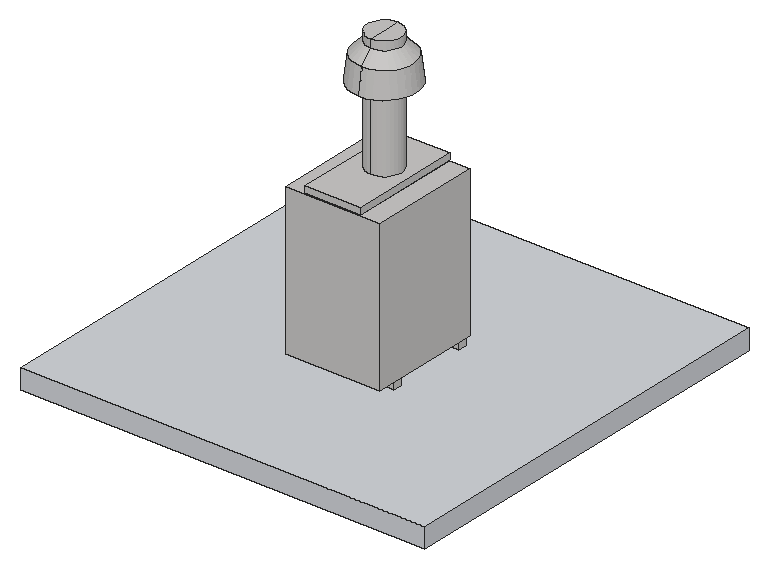
Revit family "DC_Rheem_PLM_Raypak_B0280ID", category Mechanical Equipment, host Face, Revit 2017
Family settings
  Host = Face
  Round Connector Dimension = Use Radius
  Part Type = Normal
  Cut with Voids When Loaded = No
  Shared = No
  Room Calculation Point = No
Parameters (values of type "Raypak - Gas Water Heater- Indoor - 278 MJ/h  Natural gas, modulating gas control")
  Width_ANZRS = 570 mm
  URL = "http://www.rheem.com.au/CommercialProducts"
  Type Comments = "Recovery 1061L/h @ 50oC rise"
  Top Dia_ANZRS = 205 mm
  Model = "B0280PCM/ID"
  Material_ANZRS = Raypak - Grey Powder Coated Steel
  PRV Dist_ANZRS = 210 mm
  PRV_ANZRS = 10 mm
  Manufacturer = "Raypak"
  Length_ANZRS = 675 mm
  Hot Water outlet radius_ANZRS = 20 mm
  Hot Water Outlet Diameter_ANZRS = Hot Water outlet radius_ANZRS * 2  # 40 mm
  Hot Water Conn. Dist_ANZRS = 170 mm
  Height_ANZRS = 1715 mm
  H1_ANZRS = 940 mm
  Gas Inlet radius_ANZRS = 12.5 mm
  Gas Inlet Height_ANZRS = 370 mm
  Gas Inlet Diameter_ANZRS = Gas Inlet radius_ANZRS * 2  # 25 mm
  Gas Conn. Dist_ANZRS = 105 mm
  DesignBy_ANZRS = "Design Content ©"
  Description = "Raypak - Gas Water Heater- Indoor - 278 MJ/h  Natural gas, modulating gas control"
  Default Elevation = 0 mm
  Conn Height_ANZRS = 700 mm
  Cold Water Inlet Radius_ANZRS = 20 mm
  Cold Water Inlet Diameter_ANZRS = Cold Water Inlet Radius_ANZRS * 2  # 40 mm
  Cold Water Conn. Dist_ANZRS = 215 mm
  Box HEight_ANZRS = 985 mm
  Base1 Dist_ANZRS = 30 mm
  Base Width_ANZRS = 50 mm
  Basae2 Dist_ANZRS = 105 mm
  Author_ANZRS = "DM"
  Assembly Code = ""
Types (5, lengths in mm): name | URL | Type Comments | Model | Gas Inlet radius_ANZRS | Gas Inlet Diameter_ANZRS | Description
  (no name) | "http://www.rheem.com.au/downloads/PDF/Raypak_Mechanical_Heating_Brochure_July_09.pdf" | "Recovery 1061L/h @ 50oC rise" | "B0280NCO/ID" | 10 | 20 | "Raypak - Gas Water Heater- Indoor - 278 MJ/h  Natural gas, On/Off gas control"
  Raypak - Gas Water Heater- Indoor - 278 MJ/h  Natural gas, modulating gas control | "http://www.rheem.com.au/CommercialProducts" | "Recovery 1061L/h @ 50oC rise" | "B0280PCM/ID" | 12.5 | 25 | "Raypak - Gas Water Heater- Indoor - 278 MJ/h  Natural gas, modulating gas control"
  Raypak - Gas Water Heater- Indoor - 278 MJ/h  Natural gas, On/Off gas control | "http://www.rheem.com.au/CommercialProducts" | "Recovery 1061L/h @ 50oC rise" | "B0280NCO/ID" | 10 | 20 | "Raypak - Gas Water Heater- Indoor - 278 MJ/h  Natural gas, On/Off gas control"
  Raypak - Gas Water Heater- Indoor - 261 MJ/h  Propane gas, modulating gas control | "http://www.rheem.com.au/CommercialProducts" | "Recovery 998L/h @ 50oC rise" | "B0280NCM/ID" | 10 | 20 | "Raypak - Gas Water Heater- Indoor - 261 MJ/h  Propane gas, modulating gas control"
  Raypak - Gas Water Heater- Indoor - 261 MJ/h  Propane gas, On/Off gas control | "http://www.rheem.com.au/CommercialProducts" | "Recovery 998L/h @ 50oC rise" | "B0280NCO/ID" | 10 | 20 | "Raypak - Gas Water Heater- Indoor - 261 MJ/h  Propane gas, modulating gas control"
Reference planes
  plane 1 "Center (Front/Back)": y = 0
  plane 2: z = 0
  plane 3 "Center (Left/Right)": x = 0
  plane 4 "Height": z = 1715
  plane 5 "Box H": z = 985
  plane 6 "Conn H": z = 700
  plane 7 "Gas C": z = 370
  plane 8 "L1": y = 288
  plane 9 "L2": y = -387
  plane 10 "PVR": y = 78
  plane 11 "Hot Water": y = 118
  plane 12 "Cold Water": y = -97
  plane 13 "Gas C1": y = -282
  plane 14 "D1": y = 102.5
  plane 15 "D2": y = -102.5
  plane 16 "W1": x = -285
  plane 17 "W2": x = 285
  plane 18 "base": z = 40
  plane 19 "H4": z = 1445
  plane 20 "H3": z = 1595
  plane 21 "H2": z = 1665
  plane 22: z = 600
  plane 23: z = 565
  plane 24: y = -327
  plane 25: x = -280
  plane 26 "BASE11": y = 258
  plane 27 "BASE12": y = 208
  plane 28 "BASE21": y = -232
  plane 29 "BASE22": y = -282
  plane 30 "D4": x = 102.5
  plane 31 "D3": x = -102.5
  plane 32 "H1": z = 940
  plane 33 "HH": z = 950
  plane 34: x = 167.5
  plane 35: x = -167.5
  plane 36: x = 157.5
  plane 37: x = -157.5
  plane 38 "LL2": y = -377
  plane 39 "LL1": y = 278
  plane 40: x = -172.5
  plane 41: x = -190.918
  plane 42: x = 172.5
  plane 43: x = 190.918
  plane 44: y = 172.5
  plane 45: y = 190.918
  plane 46: y = -172.5
  plane 47: y = -190.918
Forms (mm)
  Extrusion 1, solid
    sketch origin (0, 0, 0) x (1, 0, 0) y (0, 1, 0)
      loop
        line (-1219.2, 1219.2) -> (-1219.2, -1219.2) -> (1219.2, -1219.2) -> (1219.2, 1219.2) -> (-1219.2, 1219.2)
    from 0 to -120
  Extrusion 2, solid, material "Raypak - Grey Powder Coated Steel" <- "Material_ANZRS"
    sketch origin (0, 0, 0) x (1, 0, 0) y (0, 1, 0)
      loop
        line (-285, 288) -> (-285, -387) -> (285, -387) -> (285, 288) -> (-285, 288)
    from 40 to 940
  Revolve 3, solid, material "Raypak - Grey Powder Coated Steel" <- "Material_ANZRS"
    sketch origin (0, 0, 105) x (0, 1, 0) y (0, 0, 1)
      loop
        line (0, 1610) -> (-102.5, 1610) -> (-102.5, 1560) -> (-172.5, 1490) -> (-190.918, 1340) -> (-102.5, 1340) -> (-102.5, 880) -> (0, 880) -> (0, 1610)
      axis (0, 1610) -> (0, 880)
    angle from 0 to 360
  Extrusion 4, void
    sketch origin (0, 0, 0) x (0, 1, 0) y (0, 0, 1)
      loop
        circle (78, 700) r 10
      loop
        circle (118, 700) r 20
      loop
        circle (-97, 700) r 20
    from -285 to -280
  Extrusion 5, void
    sketch origin (0, 0, 0) x (0, 1, 0) y (0, 0, 1)
      loop
        circle (-327, 600) r 5
      loop
        circle (-327, 565) r 5
      loop
        circle (-282, 370) r 12.5
    from -285 to -280
  Extrusion 6, solid, material "Raypak - Grey Powder Coated Steel" <- "Material_ANZRS"
    sketch origin (0, 0, 0) x (0, 1, 0) y (0, 0, 1)
      loop
        line (258, 40) -> (208, 40) -> (208, 0) -> (258, 0) -> (258, 40)
      loop
        line (-232, 40) -> (-282, 40) -> (-282, 0) -> (-232, 0) -> (-232, 40)
    from -285 to 285
  Extrusion 7, solid, material "Raypak - Grey Powder Coated Steel" <- "Material_ANZRS"
    sketch origin (0, 0, 0) x (1, 0, 0) y (0, 0, 1)
      loop
        line (167.5, 985) -> (-167.5, 985) -> (-167.5, 950) -> (167.5, 950) -> (167.5, 985)
    from -288 to 387
  Extrusion 8, solid, material "Raypak - Grey Powder Coated Steel" <- "Material_ANZRS"
    sketch origin (0, 0, 0) x (1, 0, 0) y (0, 0, 1)
      loop
        line (157.5, 950) -> (-157.5, 950) -> (-157.5, 940) -> (157.5, 940) -> (157.5, 950)
    from -278 to 377
Cuts and joins
  Extrusion 4, Extrusion 5 cuts Extrusion 2
Lines and regions (mm)
  Masking region 1
    outline origin (0, 0, 0) x (1, 0, 0) y (0, 1, 0)
      loop
        line (-285, 288) -> (-285, -387) -> (285, -387) -> (285, 288) -> (-285, 288)
  Masking region 2
    outline origin (0, 0, 0) x (1, 0, 0) y (0, 0, 1)
      loop
        line (-102.5, 1715) -> (-102.5, 1665) -> (-225, 1595) -> (-228.418, 1445) -> (-102.5, 1445) -> (-102.5, 985) -> (-167.5, 985) -> (-167.5, 950) -> (-157.5, 950) -> (-157.5, 940) -> (-285, 940) -> (-285, 0) -> (285, 0) -> (285, 940) -> (157.5, 940) -> (157.5, 950) -> (167.5, 950) -> (167.5, 985) -> (102.5, 985) -> (102.5, 1445) -> (243.418, 1445) -> (157.5, 1595) -> (102.5, 1665) -> (102.5, 1715) -> (0, 1715) -> (-102.5, 1715)
  Masking region 3
    outline origin (0, 0, 0) x (0, 1, 0) y (0, 0, 1)
      loop
        line (-102.5, 1715) -> (-102.5, 1665) -> (-157.5, 1595) -> (-175.918, 1445) -> (-102.5, 1445) -> (-102.5, 985) -> (-387, 985) -> (-387, 950) -> (-377, 950) -> (-377, 940) -> (-387, 940) -> (-387, 40) -> (-282, 40) -> (-282, 0) -> (-232, 0) -> (-232, 40) -> (208, 40) -> (208, 0) -> (258, 0) -> (258, 40) -> (288, 40) -> (288, 940) -> (278, 940) -> (278, 950) -> (288, 950) -> (288, 985) -> (102.5, 985) -> (102.5, 1445) -> (175.918, 1445) -> (157.5, 1595) -> (102.5, 1665) -> (102.5, 1715) -> (-102.5, 1715)
  symbolic lines, style "Emergency", detail levels fine
    curve 1: arc (0, 190.918, 0) -> (-190.918, 0, 0) -> (0, -190.918, 0) r 190.918
    curve 2: arc (0, -190.918, 0) -> (190.918, 0, 0) -> (0, 190.918, 0) r 190.918
    curve 3: arc (0, 172.5, 0) -> (172.5, 0, 0) -> (0, -172.5, 0) r 172.5
    curve 4: arc (0, -172.5, 0) -> (-172.5, 0, 0) -> (0, 172.5, 0) r 172.5
    curve 5: arc (0, -102.5, 0) -> (-102.5, 0, 0) -> (0, 102.5, 0) r 102.5
    curve 6: arc (0, 102.5, 0) -> (102.5, 0, 0) -> (0, -102.5, 0) r 102.5
    curve 7: line (285, -387, 0) -> (285, 288, 0)
    curve 8: line (285, 288, 0) -> (-285, 288, 0)
    curve 9: line (-285, 288, 0) -> (-285, -387, 0)
    curve 10: line (-285, -387, 0) -> (285, -387, 0)
    curve 11: line (102.5, 0, 1665) -> (172.5, 0, 1595)
    curve 12: line (190.918, 0, 1445) -> (172.5, 0, 1595)
    curve 13: line (-172.5, 0, 1595) -> (-190.918, 0, 1445)
    curve 14: line (-172.5, 0, 1595) -> (-102.5, 0, 1665)
    curve 15: line (-102.5, 0, 1715) -> (102.5, 0, 1715)
    curve 16: line (0, 0, 1715) -> (102.5, 0, 1715)
    curve 17: line (172.5, 0, 1595) -> (-172.5, 0, 1595)
    curve 18: line (102.5, 0, 1762.094) -> (-102.5, 0, 1762.094)
    curve 19: line (-228.418, 0, 1445) -> (0, 0, 1445)
    curve 20: line (0, 0, 1445) -> (243.418, 0, 1445)
    curve 21: line (102.5, 0, 1715) -> (102.5, 0, 1665)
    curve 22: line (-102.5, 0, 1715) -> (-102.5, 0, 1665)
    curve 23: line (285, 0, 940) -> (-285, 0, 940)
    curve 24: line (285, 0, 40) -> (285, 0, 940)
    curve 25: line (-285, 0, 940) -> (-285, 0, 40)
    curve 26: line (-285, 0, 40) -> (285, 0, 40)
    curve 27: line (285, 0, 0) -> (285, 0, 40)
    curve 28: line (-285, 0, 40) -> (-285, 0, 0)
    curve 29: line (-285, 0, 0) -> (285, 0, 0)
    curve 30: line (-102.5, 0, 1445) -> (-102.5, 0, 985)
    curve 31: line (102.5, 0, 1445) -> (102.5, 0, 985)
    curve 32: arc (0, 68, 700) -> (0, 78, 690) -> (0, 88, 700) r 10
    curve 33: arc (0, 88, 700) -> (0, 78, 710) -> (0, 68, 700) r 10
    curve 34: arc (0, 138, 700) -> (0, 118, 720) -> (0, 98, 700) r 20
    curve 35: arc (0, 98, 700) -> (0, 118, 680) -> (0, 138, 700) r 20
    curve 36: arc (0, -117, 700) -> (0, -97, 680) -> (0, -77, 700) r 20
    curve 37: arc (0, -77, 700) -> (0, -97, 720) -> (0, -117, 700) r 20
    curve 38: arc (0, -269.5, 370) -> (0, -282, 382.5) -> (0, -294.5, 370) r 12.5
    curve 39: arc (0, -294.5, 370) -> (0, -282, 357.5) -> (0, -269.5, 370) r 12.5
    curve 40: arc (0, -332, 565) -> (0, -327, 560) -> (0, -322, 565) r 5
    curve 41: arc (0, -322, 565) -> (0, -327, 570) -> (0, -332, 565) r 5
    curve 42: arc (0, -332, 600) -> (0, -327, 595) -> (0, -322, 600) r 5
    curve 43: arc (0, -322, 600) -> (0, -327, 605) -> (0, -332, 600) r 5
    curve 44: line (0, -102.5, 1715) -> (0, -102.5, 1665)
    curve 45: line (0, 102.5, 1715) -> (0, 102.5, 1665)
    curve 46: line (0, 190.918, 1445) -> (0, -190.918, 1445)
    curve 47: line (0, 172.5, 1595) -> (0, -172.5, 1595)
    curve 48: line (0, 102.5, 1665) -> (0, -102.5, 1665)
    curve 49: line (0, 102.5, 1665) -> (0, 172.5, 1595)
    curve 50: line (0, -190.918, 1445) -> (0, -172.5, 1595)
    curve 51: line (0, -102.5, 1665) -> (0, -172.5, 1595)
    curve 52: line (0, 190.918, 1445) -> (0, 172.5, 1595)
    curve 53: line (0, -102.5, 1715) -> (0, 102.5, 1715)
    curve 54: line (0, 102.5, 1445) -> (0, 102.5, 985)
    curve 55: line (0, -102.5, 1445) -> (0, -102.5, 985)
    curve 56: line (0, 288, 985) -> (0, -387, 985)
    curve 57: line (0, -387, 985) -> (0, -387, 950)
    curve 58: line (0, 288, 40) -> (0, 288, 940)
    curve 59: line (0, -387, 40) -> (0, 288, 40)
    curve 60: line (0, 208, 40) -> (0, 208, 0)
    curve 61: line (0, 258, 0) -> (0, 258, 40)
    curve 62: line (0, 208, 0) -> (0, 258, 0)
    curve 63: line (0, -232, 0) -> (0, -232, 40)
    curve 64: line (0, -282, 40) -> (0, -282, 0)
    curve 65: line (0, -282, 0) -> (0, -232, 0)
    curve 66: line (-167.5, 288, 0) -> (-167.5, -387, 0)
    curve 67: line (167.5, -387, 0) -> (167.5, 288, 0)
    curve 68: line (167.5, 0, 950) -> (167.5, 0, 985)
    curve 69: line (-167.5, 0, 950) -> (167.5, 0, 950)
    curve 70: line (157.5, 0, 940) -> (157.5, 0, 950)
    curve 71: line (-167.5, 0, 985) -> (-167.5, 0, 950)
    curve 72: line (-157.5, 0, 950) -> (-157.5, 0, 940)
    curve 73: line (167.5, 0, 985) -> (-167.5, 0, 985)
    curve 74: line (0, -387, 950) -> (0, 288, 950)
    curve 75: line (0, 288, 940) -> (0, -387, 940)
    curve 76: line (0, 278, 940) -> (0, 278, 950)
    curve 77: line (0, -377, 950) -> (0, -377, 940)
    curve 78: line (0, -387, 940) -> (0, -387, 40)
    curve 79: line (0, 288, 950) -> (0, 288, 985)
Dimensions and locks
  "Height_ANZRS": plane 4 "Height" to level
  "Box HEight_ANZRS": plane 5 "Box H" to level
  "Conn Height_ANZRS": plane 6 "Conn H" to Extrusion 1
  "Gas Inlet Height_ANZRS": plane 7 "Gas C" to level
  "Length_ANZRS": plane 8 "L1" to plane 9 "L2"
  "PRV Dist_ANZRS": plane 8 "L1" to plane 10 "PVR"
  "Hot Water Conn. Dist_ANZRS": plane 8 "L1" to plane 11 "Hot Water"
  "Cold Water Conn. Dist_ANZRS": plane 11 "Hot Water" to plane 12 "Cold Water"
  "Gas Conn. Dist_ANZRS": plane 13 "Gas C1" to plane 9 "L2"
  plane 1 "Center (Front/Back)" to plane 9 "L2" = 387 mm
  plane 18 "base" to level = 40 mm
  plane 4 "Height" to plane 21 "H2" to plane 20 "H3" to plane 19 "H4" = 50 mm locked, 70 mm locked, 150 mm locked
  equal spacing: plane 17 "W2", plane 3 "Center (Left/Right)", plane 16 "W1"
  "Width_ANZRS": plane 17 "W2" to plane 16 "W1"
  equal spacing: plane 14 "D1", plane 1 "Center (Front/Back)", plane 15 "D2"
  "Top Dia_ANZRS": plane 14 "D1" to plane 15 "D2"
  plane 22 to Extrusion 1 = 600 mm
  plane 23 to Extrusion 1 = 565 mm
  plane 18 "base" to Extrusion 1 = 40 mm
  plane 24 to plane 9 "L2" = 60 mm
  plane 16 "W1" to plane 25 = 5 mm
  "Base1 Dist_ANZRS": plane 8 "L1" to plane 26 "BASE11"
  "Base Width_ANZRS": plane 26 "BASE11" to plane 27 "BASE12"
  "Base Width_ANZRS": plane 28 "BASE21" to plane 29 "BASE22"
  "Basae2 Dist_ANZRS": plane 29 "BASE22" to plane 9 "L2"
  equal spacing: plane 31 "D3", plane 3 "Center (Left/Right)", plane 30 "D4"
  "Top Dia_ANZRS": plane 31 "D3" to plane 30 "D4"
  "H1_ANZRS": plane 32 "H1" to Extrusion 1
  locked: plane 32 "H1" to plane 33 "HH" at 10
  plane 35 to plane 3 "Center (Left/Right)" to plane 34 = 167.5 mm, 167.5 mm
  plane 35 to plane 34 = 335 mm
  locked: plane 36 to plane 34 at 10
  locked: plane 37 to plane 35 at 10
  locked: plane 38 "LL2" to plane 9 "L2" at 10
  plane 39 "LL1" to plane 8 "L1" = 10 mm
  plane 31 "D3" to plane 40 to plane 41 = 70 mm locked, 18.418 mm locked
  plane 30 "D4" to plane 42 to plane 43 = 70 mm locked, 18.418 mm locked
  plane 45 to plane 44 to plane 14 "D1" = 18.418 mm locked, 70 mm locked
  plane 15 "D2" to plane 46 to plane 47 = 70 mm locked, 18.418 mm locked
  "Hot Water outlet radius_ANZRS": radius of Extrusion 4 sketch curve
  "Cold Water Inlet Radius_ANZRS": radius of Extrusion 4 sketch curve
  "PRV_ANZRS": radius of Extrusion 4 sketch curve
  "Gas Inlet radius_ANZRS": radius of Extrusion 5 sketch curve
  aligned and locked: plane 2 to Extrusion 1
  aligned and locked: level to Extrusion 1
  aligned and locked: plane 8 "L1" to Extrusion 2 sketch curve
  aligned and locked: plane 16 "W1" to Extrusion 2 sketch curve
  aligned and locked: plane 9 "L2" to Extrusion 2 sketch curve
  aligned and locked: plane 17 "W2" to Extrusion 2 sketch curve
  aligned: plane 5 "Box H" to Extrusion 2
  aligned and locked: Revolve 3 sketch curve to plane 1 "Center (Front/Back)"
  aligned and locked: plane 11 "Hot Water" to Extrusion 4 sketch curve
  aligned and locked: plane 10 "PVR" to Extrusion 4 sketch curve
  aligned and locked: plane 6 "Conn H" to Extrusion 4 sketch curve  (x3)
  aligned and locked: Extrusion 4 to plane 16 "W1"
  aligned and locked: Extrusion 2 to plane 18 "base"
  aligned and locked: plane 12 "Cold Water" to Extrusion 4 sketch curve
  aligned and locked: Revolve 3 sketch curve to plane 4 "Height"
  aligned and locked: plane 5 "Box H" to Revolve 3 sketch curve
  aligned and locked: plane 19 "H4" to Revolve 3 sketch curve
  aligned and locked: plane 21 "H2" to Revolve 3 sketch curve
  aligned: plane 15 "D2" to Revolve 3 sketch curve
  aligned and locked: plane 15 "D2" to Revolve 3 sketch curve  (x2)
  aligned and locked: plane 22 to Extrusion 5 sketch curve
  aligned and locked: plane 24 to Extrusion 5 sketch curve  (x2)
  aligned and locked: plane 23 to Extrusion 5 sketch curve
  aligned and locked: Extrusion 5 to plane 16 "W1"
  aligned and locked: plane 25 to Extrusion 5
  aligned and locked: plane 13 "Gas C1" to Extrusion 5 sketch curve
  aligned and locked: plane 7 "Gas C" to Extrusion 5 sketch curve
  aligned and locked: Extrusion 5 to Extrusion 4
  aligned and locked: plane 18 "base" to Extrusion 6 sketch curve  (x2)
  aligned and locked: Extrusion 6 sketch curve to plane 26 "BASE11"
  aligned and locked: Extrusion 6 sketch curve to level  (x2)
  aligned and locked: plane 27 "BASE12" to Extrusion 6 sketch curve
  aligned and locked: Extrusion 6 sketch curve to plane 28 "BASE21"
  aligned and locked: plane 29 "BASE22" to Extrusion 6 sketch curve
  aligned and locked: Extrusion 6 to plane 16 "W1"
  aligned and locked: Extrusion 6 to plane 17 "W2"
  aligned and locked: Masking region 1 sketch curve to cut or joined group of Extrusion 2, Extrusion 4, Extrusion 5  (x4)
  aligned and locked: Masking region 2 sketch curve to plane 31 "D3"
  aligned and locked: Masking region 2 sketch curve to Revolve 3  (x3)
  aligned and locked: plane 30 "D4" to Masking region 2 sketch curve
  aligned and locked: Revolve 3 to Masking region 2 sketch curve
  aligned and locked: plane 5 "Box H" to Masking region 2 sketch curve
  aligned and locked: plane 16 "W1" to Masking region 2 sketch curve
  aligned and locked: Masking region 2 sketch curve to plane 17 "W2"
  aligned and locked: Extrusion 1 to Masking region 2 sketch curve
  aligned and locked: Masking region 3 sketch curve to Revolve 3
  aligned and locked: Masking region 3 sketch curve to plane 15 "D2"  (x2)
  aligned and locked: plane 5 "Box H" to Masking region 3 sketch curve
  aligned and locked: Masking region 3 sketch curve to plane 9 "L2"
  aligned and locked: plane 18 "base" to Masking region 3 sketch curve
  aligned and locked: Masking region 3 sketch curve to Extrusion 6  (x4)
  aligned and locked: plane 27 "BASE12" to Masking region 3 sketch curve
  aligned and locked: plane 26 "BASE11" to Masking region 3 sketch curve
  aligned and locked: plane 8 "L1" to Masking region 3 sketch curve
  aligned and locked: plane 14 "D1" to Masking region 3 sketch curve
  aligned and locked: Revolve 3 to Masking region 3 sketch curve
  aligned and locked: curve 1 to Revolve 3
  aligned and locked: curve 2 to Revolve 3
  aligned and locked: curve 3 to Revolve 3
  aligned and locked: curve 4 to Revolve 3
  aligned and locked: curve 5 to Revolve 3
  aligned and locked: curve 6 to Revolve 3
  aligned and locked: curve 7 to cut or joined group of Extrusion 2, Extrusion 4, Extrusion 5
  aligned and locked: curve 8 to cut or joined group of Extrusion 2, Extrusion 4, Extrusion 5
  aligned and locked: curve 9 to cut or joined group of Extrusion 2, Extrusion 4, Extrusion 5
  aligned and locked: curve 10 to cut or joined group of Extrusion 2, Extrusion 4, Extrusion 5
  aligned and locked: curve 32 to cut or joined group of Extrusion 2, Extrusion 4, Extrusion 5
  aligned and locked: curve 33 to cut or joined group of Extrusion 2, Extrusion 4, Extrusion 5
  aligned and locked: curve 34 to cut or joined group of Extrusion 2, Extrusion 4, Extrusion 5
  aligned and locked: curve 35 to cut or joined group of Extrusion 2, Extrusion 4, Extrusion 5
  aligned and locked: curve 36 to cut or joined group of Extrusion 2, Extrusion 4, Extrusion 5
  aligned and locked: curve 37 to cut or joined group of Extrusion 2, Extrusion 4, Extrusion 5
  aligned and locked: curve 38 to cut or joined group of Extrusion 2, Extrusion 4, Extrusion 5
  aligned and locked: curve 39 to cut or joined group of Extrusion 2, Extrusion 4, Extrusion 5
  aligned and locked: curve 40 to cut or joined group of Extrusion 2, Extrusion 4, Extrusion 5
  aligned and locked: curve 41 to cut or joined group of Extrusion 2, Extrusion 4, Extrusion 5
  aligned and locked: curve 42 to cut or joined group of Extrusion 2, Extrusion 4, Extrusion 5
  aligned and locked: curve 43 to cut or joined group of Extrusion 2, Extrusion 4, Extrusion 5
  aligned and locked: curve 44 to plane 15 "D2"
  aligned and locked: plane 14 "D1" to curve 45
  aligned and locked: plane 21 "H2" to curve 48
  aligned and locked: curve 53 to Revolve 3
  aligned and locked: Extrusion 2 to plane 32 "H1"
  aligned and locked: curve 23 to cut or joined group of Extrusion 2, Extrusion 4, Extrusion 5
  aligned and locked: plane 5 "Box H" to Extrusion 7 sketch curve
  aligned and locked: Extrusion 7 sketch curve to plane 34
  aligned and locked: Extrusion 7 sketch curve to plane 33 "HH"
  aligned and locked: Extrusion 7 sketch curve to plane 35
  aligned and locked: plane 33 "HH" to Extrusion 8 sketch curve
  aligned and locked: Extrusion 8 sketch curve to plane 36
  aligned and locked: Extrusion 8 sketch curve to plane 32 "H1"
  aligned and locked: Extrusion 8 sketch curve to plane 37
  aligned and locked: Extrusion 7 to plane 8 "L1"
  aligned and locked: Extrusion 7 to plane 9 "L2"
  aligned and locked: Extrusion 8 to plane 38 "LL2"
  aligned and locked: plane 39 "LL1" to Extrusion 8
  aligned and locked: curve 66 to Extrusion 7
  aligned and locked: curve 67 to Extrusion 7
  aligned and locked: curve 68 to Extrusion 7
  aligned and locked: curve 69 to Extrusion 7
  aligned and locked: curve 70 to Extrusion 8
  aligned and locked: curve 71 to Extrusion 7
  aligned and locked: curve 72 to Extrusion 8
  aligned and locked: curve 73 to Extrusion 7
  aligned and locked: Masking region 2 sketch curve to Extrusion 7  (x3)
  aligned and locked: Extrusion 7 to Masking region 2 sketch curve
  aligned and locked: Masking region 2 sketch curve to Extrusion 8  (x2)
  aligned and locked: Masking region 2 sketch curve to cut or joined group of Extrusion 2, Extrusion 4, Extrusion 5
  aligned and locked: curve 74 to Extrusion 7
  aligned and locked: curve 75 to cut or joined group of Extrusion 2, Extrusion 4, Extrusion 5
  aligned and locked: curve 76 to Extrusion 8
  aligned and locked: curve 77 to Extrusion 8
  aligned and locked: Masking region 3 sketch curve to Extrusion 7
  aligned and locked: Masking region 3 sketch curve to cut or joined group of Extrusion 2, Extrusion 4, Extrusion 5
  aligned and locked: Masking region 3 sketch curve to Extrusion 8  (x2)
  aligned and locked: plane 19 "H4" to curve 12
  aligned and locked: plane 20 "H3" to curve 17  (x2)
  aligned and locked: plane 42 to curve 12
  aligned and locked: curve 12 to plane 43
  aligned and locked: plane 40 to curve 14
  aligned and locked: plane 19 "H4" to curve 13
  aligned and locked: plane 45 to curve 46
  aligned and locked: plane 19 "H4" to curve 52
  aligned and locked: plane 44 to curve 52
  aligned and locked: plane 20 "H3" to curve 52
  aligned and locked: plane 46 to curve 51
  aligned and locked: plane 20 "H3" to curve 51
  aligned and locked: plane 47 to curve 46
  aligned and locked: plane 19 "H4" to curve 50
  aligned and locked: Revolve 3 sketch curve to curve 51
  aligned and locked: Revolve 3 sketch curve to curve 50
Automatic sketch dimensions
  Extrusion 1 sketch curve to Extrusion 1 sketch curve = 2438.4 mm  (x2)
  curve 9 to plane 9 "L2" = 0 mm
  curve 9 to plane 16 "W1" = 0 mm
  plane 8 "L1" to curve 66 = 0 mm
  curve 66 to plane 35 = 0 mm
  curve 67 to plane 34 = 0 mm
  curve 7 to plane 17 "W2" = 0 mm
  curve 57 to plane 5 "Box H" = 0 mm
  curve 57 to plane 9 "L2" = 0 mm
  curve 78 to plane 9 "L2" = 0 mm
  curve 77 to plane 38 "LL2" = 0 mm
  curve 64 to level = 0 mm
  curve 64 to plane 13 "Gas C1" = 0 mm
  curve 65 to plane 28 "BASE21" = 0 mm
  curve 55 to plane 15 "D2" = 0 mm
  curve 54 to plane 14 "D1" = 0 mm
  curve 62 to level = 0 mm
  curve 62 to plane 27 "BASE12" = 0 mm
  curve 61 to plane 18 "base" = 0 mm
  curve 61 to plane 26 "BASE11" = 0 mm
  curve 76 to plane 33 "HH" = 0 mm
  curve 76 to plane 39 "LL1" = 0 mm
  curve 74 to plane 8 "L1" = 0 mm
  curve 59 to plane 8 "L1" = 0 mm
  curve 59 to plane 18 "base" = 0 mm
  curve 63 to plane 18 "base" = 0 mm
  curve 64 to plane 18 "base" = 0 mm
  curve 60 to plane 18 "base" = 0 mm
  curve 53 to plane 4 "Height" = 0 mm
  Revolve 3 sketch curve to plane 1 "Center (Front/Back)" = 0 mm
  Revolve 3 sketch curve to Revolve 3 sketch curve = 675 mm
  Revolve 3 sketch curve to Revolve 3 sketch curve = 130 mm
  Masking region 2 sketch curve to plane 20 "H3" = 0 mm  (x2)
  Masking region 2 sketch curve to plane 31 "D3" = 0 mm
  Masking region 2 sketch curve to plane 3 "Center (Left/Right)" = 0 mm
  plane 30 "D4" to Masking region 2 sketch curve = 0 mm
  Masking region 2 sketch curve to plane 36 = 0 mm
  Masking region 2 sketch curve to plane 32 "H1" = 0 mm
  Masking region 2 sketch curve to plane 5 "Box H" = 0 mm
  Masking region 2 sketch curve to plane 21 "H2" = 0 mm  (x2)
  plane 25 to Masking region 2 sketch curve = 51.582 mm
  Masking region 2 sketch curve to plane 41 = 34.082 mm
  Masking region 2 sketch curve to plane 43 = 52.5 mm
  Masking region 3 sketch curve to plane 9 "L2" = 0 mm
  Masking region 3 sketch curve to plane 20 "H3" = 0 mm  (x2)
  Masking region 3 sketch curve to plane 14 "D1" = 0 mm
  Masking region 3 sketch curve to plane 19 "H4" = 0 mm
  Masking region 3 sketch curve to plane 8 "L1" = 0 mm
  Masking region 3 sketch curve to plane 18 "base" = 0 mm  (x2)
  Masking region 3 sketch curve to plane 32 "H1" = 0 mm
  Masking region 3 sketch curve to plane 33 "HH" = 0 mm
  Masking region 3 sketch curve to plane 5 "Box H" = 0 mm
  Masking region 3 sketch curve to plane 21 "H2" = 0 mm  (x2)
  Masking region 3 sketch curve to plane 28 "BASE21" = 56.082 mm
  plane 12 "Cold Water" to Masking region 3 sketch curve = 60.5 mm
  Masking region 3 sketch curve to plane 11 "Hot Water" = 39.5 mm
  plane 27 "BASE12" to Masking region 3 sketch curve = 32.082 mm
  curve 28 to level = 0 mm
  curve 28 to plane 16 "W1" = 0 mm
  curve 13 to plane 41 = 0 mm
  curve 73 to plane 5 "Box H" = 0 mm
  curve 73 to plane 35 = 0 mm
  curve 72 to plane 37 = 0 mm
  curve 30 to plane 31 "D3" = 0 mm
  curve 15 to plane 4 "Height" = 0 mm
  curve 15 to plane 31 "D3" = 0 mm
  curve 18 to plane 31 "D3" = 0 mm
  curve 19 to plane 3 "Center (Left/Right)" = 0 mm
  curve 16 to plane 3 "Center (Left/Right)" = 0 mm
  plane 30 "D4" to curve 31 = 0 mm
  curve 21 to plane 21 "H2" = 0 mm
  plane 30 "D4" to curve 21 = 0 mm
  plane 30 "D4" to curve 18 = 0 mm
  curve 70 to plane 33 "HH" = 0 mm
  plane 36 to curve 70 = 0 mm
  plane 34 to curve 69 = 0 mm
  plane 17 "W2" to curve 26 = 0 mm
  curve 25 to plane 18 "base" = 0 mm
  curve 22 to plane 21 "H2" = 0 mm
  plane 25 to curve 19 = 51.582 mm
  curve 20 to plane 43 = 52.5 mm
  curve 15 to curve 18 = 47.094 mm
  Extrusion 5 sketch curve to plane 13 "Gas C1" = 0 mm
  radius of Extrusion 5 sketch curve = 5 mm  (x2)
Connectors
  piping at (-285, 118, 700), diameter 40, driven by "Hot Water outlet radius_ANZRS"
    settings: on cut or joined group of Extrusion 2, Extrusion 4, Extrusion 5, index 1, connector inside diameter 1.5748", connector length 0 mm, flow factor 0, pipe flow 0 GPM, pressure drop 0.00 psi, fitting loss kfactor 0, connector angle 0.00°, fixture units 0, engagement length 0 mm, angle of deflection 0.00°, flow configuration 0, flow direction 0, fitting loss method 0, system type 19, joint type 0, gender type 0, connector reference index -1, connector utility 0, adjustable connector no, is connector primary yes, connector description ""
  piping at (-285, 78, 700), diameter 20, driven by "PRV_ANZRS"
    settings: on cut or joined group of Extrusion 2, Extrusion 4, Extrusion 5, index 2, connector inside diameter 0.7874", connector length 0 mm, flow factor 0, pipe flow 0 GPM, pressure drop 0.00 psi, fitting loss kfactor 0, connector angle 0.00°, fixture units 0, engagement length 0 mm, angle of deflection 0.00°, flow configuration 0, flow direction 0, fitting loss method 0, system type 19, joint type 0, gender type 0, connector reference index -1, connector utility 0, adjustable connector no, is connector primary no, connector description ""
  piping at (-285, -97, 700), diameter 40, driven by "Cold Water Inlet Radius_ANZRS"
    settings: on cut or joined group of Extrusion 2, Extrusion 4, Extrusion 5, index 3, connector inside diameter 1.5748", connector length 0 mm, flow factor 0, pipe flow 0 GPM, pressure drop 0.00 psi, fitting loss kfactor 0, connector angle 0.00°, fixture units 0, engagement length 0 mm, angle of deflection 0.00°, flow configuration 0, flow direction 0, fitting loss method 0, system type 20, joint type 0, gender type 0, connector reference index -1, connector utility 0, adjustable connector no, is connector primary no, connector description ""
  piping at (-285, -282, 370), diameter 25, driven by "Gas Inlet radius_ANZRS"
    settings: on cut or joined group of Extrusion 2, Extrusion 4, Extrusion 5, index 4, connector inside diameter 0.7874", connector length 0 mm, flow factor 0, pipe flow 0 GPM, pressure drop 0.00 psi, fitting loss kfactor 0, connector angle 0.00°, fixture units 0, engagement length 0 mm, angle of deflection 0.00°, flow configuration 0, flow direction 0, fitting loss method 0, system type 22, joint type 0, gender type 0, connector reference index -1, connector utility 0, adjustable connector no, is connector primary no, connector description ""
  electrical at (-285, -327, 600)
    settings: on cut or joined group of Extrusion 2, Extrusion 4, Extrusion 5, index 5, voltage 0 V, apparent load 0 VA, apparent load phase1 0 VA, apparent load phase2 0 VA, apparent load phase3 0 VA, power factor 1, load classification "Other", number of poles 1, system type 31, power factor state 1, is connector primary yes, connector utility no, sub classification motor no, connector description ""
  electrical at (-285, -327, 565)
    settings: on cut or joined group of Extrusion 2, Extrusion 4, Extrusion 5, index 6, voltage 0 V, apparent load 0 VA, apparent load phase1 0 VA, apparent load phase2 0 VA, apparent load phase3 0 VA, power factor 1, load classification "Other", number of poles 1, system type 31, power factor state 1, is connector primary no, connector utility no, sub classification motor no, connector description ""
